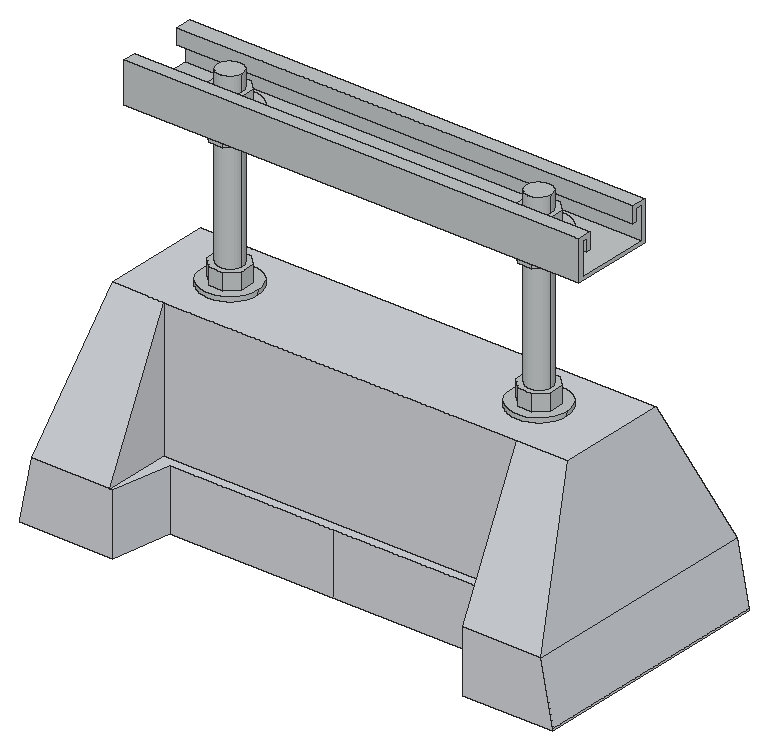
Revit family "pipe-support-7707X", category Generic Models, Revit 2018
Family settings
  Can host rebar = No
  Round Connector Dimension = Use Diameter
  Part Type = Normal
  Work Plane-Based = No
  Always vertical = Yes
  Cut with Voids When Loaded = No
  Shared = No
  Room Calculation Point = No
Parameters (values of type "FNW7707X Pipe Support")
  Weight [instance] = ""
  URL = "http://www.fnw.com"
  URL_2 = ""
  TH1 = 0.078"  # constant formula
  Product ID [instance] = ""
  Part Number [instance] = "FNW7707X"
  L1 = 10.875"  # constant formula
  Description BOM [instance] = "Single Pipe Support"
Reference planes (in)
  plane 1 "Center (Front/Back)": y = 0
  plane 2: z = 0
  plane 3 "Center (Left/Right)": x = 0
  plane 4: z = 4.875
  plane 5: z = 4.062
  plane 6: z = 1.25
  plane 7: x = -5.4375
  plane 8: x = 5.4375
  plane 9: x = -4.65625
  plane 10: x = 4.65625
  plane 11: z = 8
  plane 12: x = 3.15625
  plane 13: x = -3.15625
  plane 14: z = 6.76818
  plane 15: z = 7.10242
  plane 16: z = 7.22606
  plane 17: z = 7.68395
  plane 18: z = 7.3497
  plane 19: z = 4.147
  plane 20: z = 4.481
Forms (in)
  Extrusion 1, solid, material "Steel, Galvanized"
    sketch origin (0, 0, 3.125) x (0, 1, 0) y (0, 0, 1)
      loop
        line (0.84, 4.875) -> (0.52968, 4.875) -> (0.52968, 4.558) -> (0.60768, 4.558) -> (0.60768, 4.797) -> (0.762, 4.797) -> (0.762, 4.14) -> (-0.762, 4.14) -> (-0.762, 4.797) -> (-0.6394, 4.797) -> (-0.6394, 4.558) -> (-0.5614, 4.558) -> (-0.5614, 4.875) -> (-0.84, 4.875) -> (-0.84, 4.062) -> (0.84, 4.062) -> (0.84, 4.875)
    from -4.65625 to 4.65625
  Extrusion 2, solid, material "Steel, Galvanized"
    sketch origin (0, 0, 0) x (1, 0, 0) y (0, 1, 0)
      loop
        circle (-3.15625, 0) r 0.25
      loop
        circle (3.15625, 0) r 0.25
    from 1.25 to 8
  Extrusion 3, solid, material "Steel, Galvanized"
    sketch origin (0, 0, 0) x (1, 0, 0) y (0, 1, 0)
      loop
        line (-3.00939, 0.35455) -> (-3.30311, 0.35455) -> (-3.5108, 0.14686) -> (-3.5108, -0.14686) -> (-3.30311, -0.35455) -> (-3.00939, -0.35455) -> (-2.8017, -0.14686) -> (-2.8017, 0.14686) -> (-3.00939, 0.35455)
      loop
        line (3.00939, 0.35455) -> (2.8017, 0.14686) -> (2.8017, -0.14686) -> (3.00939, -0.35455) -> (3.30311, -0.35455) -> (3.5108, -0.14686) -> (3.5108, 0.14686) -> (3.30311, 0.35455) -> (3.00939, 0.35455)
    from 7.3497 to 7.683
  Extrusion 4, solid, material "Steel, Galvanized"
    sketch origin (0, 0, 0) x (1, 0, 0) y (0, 1, 0)
      loop
        line (-3.00939, 0.35455) -> (-3.30311, 0.35455) -> (-3.5108, 0.14686) -> (-3.5108, -0.14686) -> (-3.30311, -0.35455) -> (-3.00939, -0.35455) -> (-2.8017, -0.14686) -> (-2.8017, 0.14686) -> (-3.00939, 0.35455)
      loop
        line (3.00939, 0.35455) -> (2.8017, 0.14686) -> (2.8017, -0.14686) -> (3.00939, -0.35455) -> (3.30311, -0.35455) -> (3.5108, -0.14686) -> (3.5108, 0.14686) -> (3.30311, 0.35455) -> (3.00939, 0.35455)
    from 6.76818 to 7.10242
  Extrusion 5, solid, material "Steel, Galvanized"
    sketch origin (0, 0, 13.53635) x (0, -1, 0) y (1, 0, 0)
      loop
        line (-0.35455, -3.00939) -> (-0.35455, -3.30311) -> (-0.14686, -3.5108) -> (0.14686, -3.5108) -> (0.35455, -3.30311) -> (0.35455, -3.00939) -> (0.14686, -2.8017) -> (-0.14686, -2.8017) -> (-0.35455, -3.00939)
      loop
        line (-0.35455, 3.00939) -> (-0.14686, 2.8017) -> (0.14686, 2.8017) -> (0.35455, 3.00939) -> (0.35455, 3.30311) -> (0.14686, 3.5108) -> (-0.14686, 3.5108) -> (-0.35455, 3.30311) -> (-0.35455, 3.00939)
    from -9.38935 to -9.05535
  Extrusion 6, solid, material "Steel, Galvanized"
    sketch origin (0, 0, 0) x (1, 0, 0) y (0, 1, 0)
      loop
        circle (-3.15625, 0) r 0.57213
      loop
        circle (3.15625, 0) r 0.57213
    from 4.062 to 4.147
  Extrusion 7, solid, material "Steel, Galvanized"
    sketch origin (0, 0, 0) x (1, 0, 0) y (0, 1, 0)
      loop
        circle (-3.15625, 0) r 0.57213
      loop
        circle (3.15625, 0) r 0.57213
    from 7.10242 to 7.187
  Extrusion 8, solid, material "Steel, Galvanized"
    sketch origin (0, 0, 0) x (1, 0, 0) y (0, 1, 0)
      loop
        circle (-3.15625, 0) r 0.57213
      loop
        circle (3.15625, 0) r 0.57213
    from 7.265 to 7.3497
Dimensions and locks (in)
  plane 4 to plane 2 = 4.875"
  plane 4 to plane 5 = 0.813"
  equal spacing: plane 7, plane 3 "Center (Left/Right)", plane 8
  "L1": plane 7 to plane 8
  "TH1": Extrusion 1 sketch curve to Extrusion 1 sketch curve  (x2)
  plane 11 to plane 2 = 8.000"
  Extrusion 1 to Extrusion 3 = 0.3333"
  Extrusion 4 to Extrusion 4 = 0.33425"
  Extrusion 1 to plane 15 = 0.08458"
  aligned and locked: plane 2 to level
  aligned and locked: Extrusion 1 to plane 9
  aligned and locked: plane 10 to Extrusion 1
Automatic sketch dimensions
  plane 1 "Center (Front/Back)" to Extrusion 2 sketch curve = 0.000"  (x2)
  Extrusion 2 sketch curve to plane 13 = 0.000"
  Extrusion 2 sketch curve to plane 12 = 0.000"
  plane 1 "Center (Front/Back)" to Extrusion 3 sketch curve = 0.14686"  (x4)
  plane 13 to Extrusion 3 sketch curve = 0.35455"
  plane 13 to Extrusion 3 sketch curve = 0.14686"  (x2)
  Extrusion 3 sketch curve to plane 13 = 0.14686"  (x2)
  Extrusion 3 sketch curve to plane 1 "Center (Front/Back)" = 0.14686"  (x4)
  Extrusion 3 sketch curve to Extrusion 3 sketch curve = 0.20769"  (x6)
  Extrusion 3 sketch curve to plane 12 = 0.35455"
  Extrusion 3 sketch curve to plane 12 = 0.14686"  (x2)
  plane 12 to Extrusion 3 sketch curve = 0.14686"  (x2)
  plane 1 "Center (Front/Back)" to Extrusion 4 sketch curve = 0.14686"  (x4)
  plane 13 to Extrusion 4 sketch curve = 0.35455"
  plane 13 to Extrusion 4 sketch curve = 0.14686"  (x2)
  Extrusion 4 sketch curve to plane 13 = 0.14686"  (x2)
  Extrusion 4 sketch curve to plane 1 "Center (Front/Back)" = 0.14686"  (x4)
  Extrusion 4 sketch curve to Extrusion 4 sketch curve = 0.20769"  (x6)
  Extrusion 4 sketch curve to plane 12 = 0.35455"
  Extrusion 4 sketch curve to plane 12 = 0.14686"  (x2)
  plane 12 to Extrusion 4 sketch curve = 0.14686"  (x2)
  Extrusion 5 sketch curve to plane 13 = 0.14686"  (x2)
  Extrusion 5 sketch curve to plane 1 "Center (Front/Back)" = 0.35455"  (x2)
  plane 12 to Extrusion 5 sketch curve = 0.14686"  (x2)
  Extrusion 5 sketch curve to plane 1 "Center (Front/Back)" = 0.14686"  (x4)
  plane 1 "Center (Front/Back)" to Extrusion 5 sketch curve = 0.14686"  (x4)
  Extrusion 5 sketch curve to plane 12 = 0.14686"  (x2)
  Extrusion 5 sketch curve to Extrusion 5 sketch curve = 0.20769"  (x6)
  plane 13 to Extrusion 5 sketch curve = 0.14686"  (x2)
  plane 1 "Center (Front/Back)" to Extrusion 6 sketch curve = 0.000"  (x2)
  Extrusion 6 sketch curve to plane 13 = 0.000"
  Extrusion 6 sketch curve to plane 12 = 0.000"
  plane 1 "Center (Front/Back)" to Extrusion 7 sketch curve = 0.000"  (x2)
  Extrusion 7 sketch curve to plane 13 = 0.000"
  Extrusion 7 sketch curve to plane 12 = 0.000"
  plane 1 "Center (Front/Back)" to Extrusion 8 sketch curve = 0.000"  (x2)
  Extrusion 8 sketch curve to plane 13 = 0.000"
  Extrusion 8 sketch curve to plane 12 = 0.000"
  Extrusion 1 sketch curve to plane 11 = 0.000"
  plane 11 to Extrusion 1 sketch curve = 0.000"
  plane 1 "Center (Front/Back)" to Extrusion 1 sketch curve = 0.840"
  Extrusion 1 sketch curve to plane 16 = 0.03894"
  Extrusion 1 sketch curve to Extrusion 1 sketch curve = 0.078"  (x2)
  Extrusion 1 sketch curve to Extrusion 1 sketch curve = 0.1226"
  plane 17 to Extrusion 1 sketch curve = 0.00095"  (x2)
  Extrusion 1 sketch curve to plane 1 "Center (Front/Back)" = 0.52968"
  Extrusion 1 sketch curve to Extrusion 1 sketch curve = 0.15432"
  plane 16 to Extrusion 1 sketch curve = 0.03906"
  plane 11 to Extrusion 1 sketch curve = 0.078"  (x2)
  radius of Extrusion 2 sketch curve = 0.250"  (x2)
  radius of Extrusion 6 sketch curve = 0.57213"  (x2)
  radius of Extrusion 7 sketch curve = 0.57213"  (x2)
  radius of Extrusion 8 sketch curve = 0.57213"  (x2)
Nested families (in)
  nested 1: "Nested-pipe-support-7706 Base" at (0, 0, 0) x (-1, 0, 0) z (0, 0, 1), type "FNW7706SB Pipe Support"
    with Weight "", Product ID "", Part Number "", Description BOM ""
Definition of nested family "Nested-pipe-support-7706 Base"
  Parameters (values of type "FNW7706SB Pipe Support")
    Weight [instance] = ""
    URL = "http://www.fnw.com"
    URL_2 = ""
    TH1 = 0.078"  # constant formula
    Product ID [instance] = ""
    Part Number [instance] = "FNW7706SB"
    L9 = 5.188" + (1.012" * 2)  # 7.212"
    L8 = 2.250"  # constant formula
    L6 = 0.000"  # constant formula
    L5 = 0.317"  # constant formula
    L4 = 0.813"  # constant formula
    L3 = 4.875"  # constant formula
    L2 = 5.000"  # constant formula
    L11 = 9.3125"
    L10 = 2.886"  # constant formula
    L1 = 10.875"  # constant formula
    Description BOM [instance] = "Single Pipe Support Base Only"
  Reference planes (in)
    plane 1 "Center (Front/Back)": y = 0
    plane 2: z = 0
    plane 3 "Center (Left/Right)": x = 0
    plane 4: x = -5.4375
    plane 5: x = 5.4375
    plane 6: y = 2.5
    plane 7: y = -2.5
    plane 8: z = 4.875
    plane 9 "top": z = 4.062
    plane 10: y = 0.84
    plane 11: y = -0.84
    plane 12: y = 1.125
    plane 13: y = -1.125
    plane 14: x = -1.443
    plane 15: x = -3.606
    plane 16: x = 3.606
    plane 17: x = 1.443
    plane 18: z = 1.25
    plane 19: x = -1.5
    plane 20: x = 1.5
    plane 21: x = -3.6055
    plane 22: x = 3.6055
    plane 23: x = -4.65625
    plane 24: x = 4.65625
  Forms (in)
    Extrusion 1, solid
      sketch origin (0, 0, 0) x (0, 1, 0) y (0, 0, 1)
        loop
          line (1.125, 4.062) -> (-1.125, 4.062) -> (-2.5, 1.25) -> (2.5, 1.25) -> (1.125, 4.062)
      from 3.606 to 5.4375
    Extrusion 2, solid
      sketch origin (0, 0, 0) x (0, 1, 0) y (0, 0, -1)
        loop
          line (1.125, -4.062) -> (2.5, -1.25) -> (-2.5, -1.25) -> (-1.125, -4.062) -> (1.125, -4.062)
      from 3.606 to 5.4375
    Extrusion 3, solid
      sketch origin (0, 0, 0) x (0, 1, 0) y (0, 0, 1)
        loop
          line (1.125, 4.062) -> (-1.125, 4.062) -> (-1.125, 1.25) -> (1.125, 1.25) -> (1.125, 4.062)
      from -3.606 to 3.606
    Extrusion 4, solid
      sketch origin (0, 0, 0) x (1, 0, 0) y (0, 1, 0)
        loop
          line (-5.4375, 2.5) -> (-5.4375, -2.5) -> (-3.606, -2.5) -> (-3.39661, -1.3125) -> (0, -1.3125) -> (3.33911, -1.3125) -> (3.5485, -2.5) -> (5.4375, -2.5) -> (5.4375, 2.5) -> (3.5485, 2.5) -> (3.33911, 1.3125) -> (0, 1.3125) -> (-3.39661, 1.3125) -> (-3.606, 2.5) -> (-5.4375, 2.5)
      from 0 to 1.25
    Extrusion 5, void
      sketch origin (0, 0, 0) x (1, 0, 0) y (0, 0, 1)
        loop
          line (-5.81029, -1.875) -> (-4.65625, 4.062) -> (-9.27699, 4.062) -> (-9.27699, -1.875) -> (-5.81029, -1.875)
        loop
          line (4.65625, 4.062) -> (5.81029, -1.875) -> (9.27699, -1.875) -> (9.27699, 4.062) -> (4.65625, 4.062)
      from -2.5 to 2.5
  Cuts and joins
    Extrusion 5 cuts Extrusion 1
    Extrusion 5 cuts Extrusion 2
    joined: Extrusion 1, Extrusion 2, Extrusion 3
    Extrusion 5 cuts Extrusion 4
  Dimensions and locks (in)
    equal spacing: plane 4, plane 3 "Center (Left/Right)", plane 5
    "L1": plane 4 to plane 5
    equal spacing: plane 6, plane 1 "Center (Front/Back)", plane 7
    "L2": plane 6 to plane 7
    "L3": plane 8 to plane 2
    "L4": plane 8 to plane 9 "top"
    plane 10 to plane 11 = 1.680"
    equal spacing: plane 12, plane 1 "Center (Front/Back)", plane 13
    "L8": plane 12 to plane 13
    equal spacing: plane 15, plane 3 "Center (Left/Right)", plane 16
    "L9": plane 15 to plane 16
    equal spacing: plane 14, plane 3 "Center (Left/Right)", plane 17
    "L10": plane 14 to plane 17
    plane 19 to plane 20 = 3.000"
    equal spacing: plane 23, plane 3 "Center (Left/Right)", plane 24
    "L11": plane 23 to plane 24
    aligned and locked: plane 2 to level
  Automatic sketch dimensions
    Extrusion 2 sketch curve to plane 7 = 0.000"
    Extrusion 2 sketch curve to plane 9 "top" = 0.000"
    Extrusion 2 sketch curve to plane 13 = 0.000"
    Extrusion 2 sketch curve to plane 12 = 0.000"
    Extrusion 2 sketch curve to plane 6 = 0.000"
    level to Extrusion 2 sketch curve = 1.250"
    Extrusion 1 sketch curve to plane 7 = 0.000"
    Extrusion 1 sketch curve to plane 9 "top" = 0.000"
    Extrusion 1 sketch curve to plane 13 = 0.000"
    Extrusion 1 sketch curve to plane 12 = 0.000"
    Extrusion 1 sketch curve to plane 6 = 0.000"
    level to Extrusion 1 sketch curve = 1.250"
    Extrusion 3 sketch curve to plane 9 "top" = 0.000"
    Extrusion 3 sketch curve to plane 13 = 0.000"
    Extrusion 3 sketch curve to plane 12 = 0.000"
    level to Extrusion 3 sketch curve = 1.250"
    Extrusion 4 sketch curve to plane 4 = 0.000"
    Extrusion 4 sketch curve to plane 6 = 0.000"  (x2)
    plane 14 to Extrusion 4 sketch curve = 2.163"  (x2)
    Extrusion 4 sketch curve to plane 7 = 0.000"  (x2)
    Extrusion 4 sketch curve to plane 3 "Center (Left/Right)" = 0.000"  (x2)
    plane 13 to Extrusion 4 sketch curve = 0.1875"
    plane 17 to Extrusion 4 sketch curve = 2.1055"  (x2)
    Extrusion 4 sketch curve to plane 5 = 0.000"
    plane 14 to Extrusion 4 sketch curve = 1.95361"  (x2)
    plane 17 to Extrusion 4 sketch curve = 1.89611"  (x2)
    plane 12 to Extrusion 4 sketch curve = 0.1875"
    Extrusion 5 sketch curve to plane 9 "top" = 0.000"  (x2)
    plane 23 to Extrusion 5 sketch curve = 0.000"
    plane 24 to Extrusion 5 sketch curve = 0.000"
    plane 4 to Extrusion 5 sketch curve = 0.37279"
    Extrusion 5 sketch curve to Extrusion 5 sketch curve = 3.46671"  (x2)
    Extrusion 5 sketch curve to plane 5 = 0.37279"
    Extrusion 5 sketch curve to level = 1.875"  (x2)
